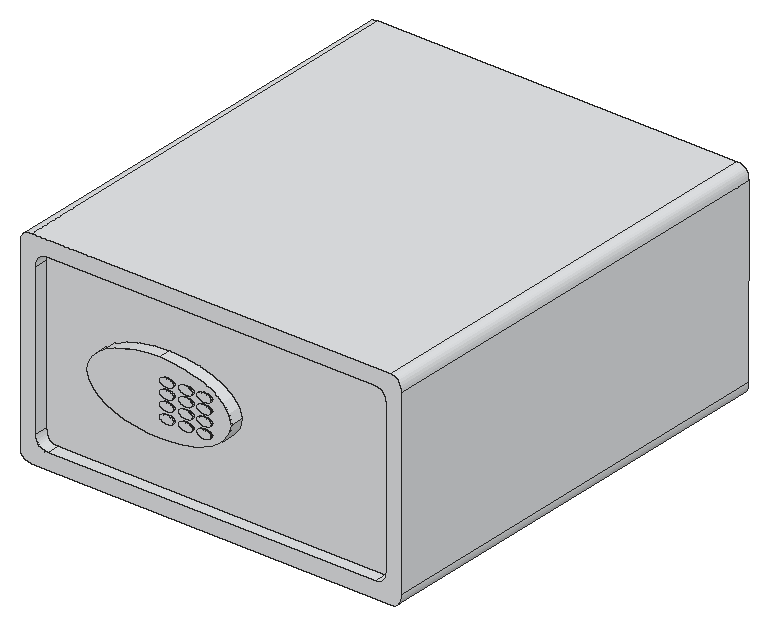
Revit family "DEHS0003_revit", category Generic Models, Revit 2017
Family settings
  Can host rebar = No
  Round Connector Dimension = Use Diameter
  Part Type = Normal
  Work Plane-Based = No
  Always vertical = Yes
  Cut with Voids When Loaded = No
  Shared = No
  Room Calculation Point = No
Parameters
  Website = "https://dolphy.in/"  # constant formula
  Contact number = "+91 9520202035"  # constant formula
  Contact email = "info@dolphy.in"  # constant formula
  Company name = "Dolphy India"  # constant formula
Reference planes
  plane 1 "Center (Front/Back)": y = 0
  plane 2: z = 0
  plane 3 "Center (Left/Right)": x = 0
Forms (mm)
  Extrusion 1, solid, material "Dolphy_WHITE"
    sketch origin (0, 0, 0) x (1, 0, 0) y (0, 0, 1)
      loop
        spline (-185, -87.673) -> (-184.926, -89.642) -> (-184.702, -91.44) -> (-184.33, -93.066) -> (-183.809, -94.521) -> (-183.14, -95.806) -> (-182.321, -96.918) -> (-181.354, -97.86) -> (-180.238, -98.63) -> (-178.973, -99.23) -> (-177.559, -99.658) -> (-175.996, -99.914) -> (-174.285, -100)
        line (-174.285, -100) -> (174.285, -100)
        spline (174.285, -100) -> (175.996, -99.914) -> (177.559, -99.658) -> (178.973, -99.23) -> (180.238, -98.63) -> (181.354, -97.86) -> (182.321, -96.918) -> (183.14, -95.806) -> (183.809, -94.521) -> (184.33, -93.066) -> (184.702, -91.44) -> (184.926, -89.642) -> (185, -87.673)
        line (185, -87.673) -> (185, 87.673)
        spline (185, 87.673) -> (184.926, 89.642) -> (184.702, 91.44) -> (184.33, 93.066) -> (183.809, 94.521) -> (183.14, 95.806) -> (182.321, 96.918) -> (181.354, 97.86) -> (180.238, 98.63) -> (178.973, 99.23) -> (177.559, 99.658) -> (175.996, 99.914) -> (174.285, 100)
        line (174.285, 100) -> (-174.285, 100)
        spline (-174.285, 100) -> (-175.996, 99.914) -> (-177.559, 99.658) -> (-178.973, 99.23) -> (-180.238, 98.63) -> (-181.354, 97.86) -> (-182.321, 96.918) -> (-183.14, 95.806) -> (-183.809, 94.521) -> (-184.33, 93.066) -> (-184.702, 91.44) -> (-184.926, 89.642) -> (-185, 87.673)
        line (-185, 87.673) -> (-185, -87.673)
    from 0 to 420
  Extrusion 2, void
    sketch origin (0, 0, 0) x (1, 0, 0) y (0, 0, 1)
      loop
        spline (-158.505, 85) -> (-160.341, 84.914) -> (-162.017, 84.658) -> (-163.534, 84.23) -> (-164.891, 83.63) -> (-166.089, 82.86) -> (-167.126, 81.918) -> (-168.004, 80.806) -> (-168.723, 79.521) -> (-169.282, 78.066) -> (-169.681, 76.44) -> (-169.92, 74.642) -> (-170, 72.673)
        line (-170, 72.673) -> (-170, -72.673)
        spline (-170, -72.673) -> (-169.92, -74.642) -> (-169.681, -76.44) -> (-169.282, -78.066) -> (-168.723, -79.521) -> (-168.004, -80.806) -> (-167.126, -81.918) -> (-166.089, -82.86) -> (-164.891, -83.63) -> (-163.534, -84.23) -> (-162.017, -84.658) -> (-160.341, -84.914) -> (-158.505, -85)
        line (-158.505, -85) -> (158.505, -85)
        spline (158.505, -85) -> (160.341, -84.914) -> (162.017, -84.658) -> (163.534, -84.23) -> (164.891, -83.63) -> (166.089, -82.86) -> (167.126, -81.918) -> (168.004, -80.806) -> (168.723, -79.521) -> (169.282, -78.066) -> (169.681, -76.44) -> (169.92, -74.642) -> (170, -72.673)
        line (170, -72.673) -> (170, 72.673)
        spline (170, 72.673) -> (169.92, 74.642) -> (169.681, 76.44) -> (169.282, 78.066) -> (168.723, 79.521) -> (168.004, 80.806) -> (167.126, 81.918) -> (166.089, 82.86) -> (164.891, 83.63) -> (163.534, 84.23) -> (162.017, 84.658) -> (160.341, 84.914) -> (158.505, 85)
        line (158.505, 85) -> (-158.505, 85)
    from 407.347 to 491.218
  Extrusion 3, solid, material "Dolphy_WHITE"
    sketch origin (10, 0, -15) x (1, 0, 0) y (0, 0, 1)
      loop
        spline (-130.11, 16.113) -> (-129.081, 10.773) -> (-126.836, 5.832) -> (-123.477, 1.303) -> (-119.108, -2.802) -> (-113.831, -6.471) -> (-107.749, -9.69) -> (-100.965, -12.449) -> (-93.581, -14.733) -> (-85.701, -16.532) -> (-77.428, -17.832) -> (-68.863, -18.621) -> (-60.11, -18.887)
        spline (-60.11, -18.887) -> (-51.358, -18.621) -> (-42.793, -17.832) -> (-34.52, -16.532) -> (-26.64, -14.733) -> (-19.256, -12.449) -> (-12.472, -9.69) -> (-6.39, -6.471) -> (-1.113, -2.802) -> (3.256, 1.303) -> (6.615, 5.832) -> (8.86, 10.773) -> (9.89, 16.113)
        spline (9.89, 16.113) -> (8.86, 21.453) -> (6.615, 26.393) -> (3.256, 30.923) -> (-1.113, 35.028) -> (-6.39, 38.696) -> (-12.472, 41.916) -> (-19.256, 44.674) -> (-26.64, 46.959) -> (-34.52, 48.758) -> (-42.793, 50.058) -> (-51.358, 50.847) -> (-60.11, 51.113)
        spline (-60.11, 51.113) -> (-68.863, 50.847) -> (-77.428, 50.058) -> (-85.701, 48.758) -> (-93.581, 46.959) -> (-100.965, 44.674) -> (-107.749, 41.916) -> (-113.831, 38.696) -> (-119.108, 35.028) -> (-123.477, 30.923) -> (-126.836, 26.393) -> (-129.081, 21.453) -> (-130.11, 16.113)
    from 407.347 to 420
  Extrusion 4, solid, material "Dolphy_WHITE"
    sketch origin (0, 0, 0) x (1, 0, 0) y (0, 0, 1)
      loop
        spline (-48.788, 17.218) -> (-48.68, 16.636) -> (-48.446, 16.098) -> (-48.1, 15.607) -> (-47.652, 15.164) -> (-47.113, 14.768) -> (-46.497, 14.422) -> (-45.814, 14.127) -> (-45.076, 13.883) -> (-44.295, 13.691) -> (-43.481, 13.553) -> (-42.648, 13.469) -> (-41.806, 13.441)
        spline (-41.806, 13.441) -> (-40.965, 13.469) -> (-40.132, 13.553) -> (-39.318, 13.691) -> (-38.537, 13.883) -> (-37.799, 14.127) -> (-37.116, 14.422) -> (-36.5, 14.768) -> (-35.961, 15.164) -> (-35.513, 15.607) -> (-35.167, 16.098) -> (-34.933, 16.636) -> (-34.825, 17.218)
        spline (-34.825, 17.218) -> (-34.933, 17.801) -> (-35.167, 18.338) -> (-35.513, 18.829) -> (-35.961, 19.273) -> (-36.5, 19.668) -> (-37.116, 20.014) -> (-37.799, 20.309) -> (-38.537, 20.554) -> (-39.318, 20.745) -> (-40.132, 20.883) -> (-40.965, 20.967) -> (-41.806, 20.995)
        spline (-41.806, 20.995) -> (-42.648, 20.967) -> (-43.481, 20.883) -> (-44.295, 20.745) -> (-45.076, 20.554) -> (-45.814, 20.309) -> (-46.497, 20.014) -> (-47.113, 19.668) -> (-47.652, 19.273) -> (-48.1, 18.829) -> (-48.446, 18.338) -> (-48.68, 17.801) -> (-48.788, 17.218)
      loop
        spline (-30.434, 17.218) -> (-30.325, 16.636) -> (-30.092, 16.098) -> (-29.745, 15.607) -> (-29.297, 15.164) -> (-28.759, 14.768) -> (-28.142, 14.422) -> (-27.459, 14.127) -> (-26.721, 13.883) -> (-25.94, 13.691) -> (-25.127, 13.553) -> (-24.293, 13.469) -> (-23.452, 13.441)
        spline (-23.452, 13.441) -> (-22.61, 13.469) -> (-21.777, 13.553) -> (-20.964, 13.691) -> (-20.182, 13.883) -> (-19.444, 14.127) -> (-18.761, 14.422) -> (-18.145, 14.768) -> (-17.607, 15.164) -> (-17.159, 15.607) -> (-16.812, 16.098) -> (-16.578, 16.636) -> (-16.47, 17.218)
        spline (-16.47, 17.218) -> (-16.578, 17.801) -> (-16.812, 18.338) -> (-17.159, 18.829) -> (-17.607, 19.273) -> (-18.145, 19.668) -> (-18.761, 20.014) -> (-19.444, 20.309) -> (-20.182, 20.554) -> (-20.964, 20.745) -> (-21.777, 20.883) -> (-22.61, 20.967) -> (-23.452, 20.995)
        spline (-23.452, 20.995) -> (-24.293, 20.967) -> (-25.127, 20.883) -> (-25.94, 20.745) -> (-26.721, 20.554) -> (-27.459, 20.309) -> (-28.142, 20.014) -> (-28.759, 19.668) -> (-29.297, 19.273) -> (-29.745, 18.829) -> (-30.092, 18.338) -> (-30.325, 17.801) -> (-30.434, 17.218)
      loop
        spline (-12.609, 17.218) -> (-12.5, 16.636) -> (-12.267, 16.098) -> (-11.92, 15.607) -> (-11.472, 15.164) -> (-10.934, 14.768) -> (-10.318, 14.422) -> (-9.634, 14.127) -> (-8.896, 13.883) -> (-8.115, 13.691) -> (-7.302, 13.553) -> (-6.469, 13.469) -> (-5.627, 13.441)
        spline (-5.627, 13.441) -> (-4.785, 13.469) -> (-3.952, 13.553) -> (-3.139, 13.691) -> (-2.357, 13.883) -> (-1.619, 14.127) -> (-0.936, 14.422) -> (-0.32, 14.768) -> (0.218, 15.164) -> (0.666, 15.607) -> (1.013, 16.098) -> (1.246, 16.636) -> (1.355, 17.218)
        spline (1.355, 17.218) -> (1.246, 17.801) -> (1.013, 18.338) -> (0.666, 18.829) -> (0.218, 19.273) -> (-0.32, 19.668) -> (-0.936, 20.014) -> (-1.619, 20.309) -> (-2.357, 20.554) -> (-3.139, 20.745) -> (-3.952, 20.883) -> (-4.785, 20.967) -> (-5.627, 20.995)
        spline (-5.627, 20.995) -> (-6.469, 20.967) -> (-7.302, 20.883) -> (-8.115, 20.745) -> (-8.896, 20.554) -> (-9.634, 20.309) -> (-10.318, 20.014) -> (-10.934, 19.668) -> (-11.472, 19.273) -> (-11.92, 18.829) -> (-12.267, 18.338) -> (-12.5, 17.801) -> (-12.609, 17.218)
      loop
        spline (-48.788, 6.872) -> (-48.68, 6.29) -> (-48.446, 5.752) -> (-48.1, 5.262) -> (-47.652, 4.818) -> (-47.113, 4.422) -> (-46.497, 4.077) -> (-45.814, 3.781) -> (-45.076, 3.537) -> (-44.295, 3.345) -> (-43.481, 3.207) -> (-42.648, 3.123) -> (-41.806, 3.095)
        spline (-41.806, 3.095) -> (-40.965, 3.123) -> (-40.132, 3.207) -> (-39.318, 3.345) -> (-38.537, 3.537) -> (-37.799, 3.781) -> (-37.116, 4.077) -> (-36.5, 4.422) -> (-35.961, 4.818) -> (-35.513, 5.262) -> (-35.167, 5.752) -> (-34.933, 6.29) -> (-34.825, 6.872)
        spline (-34.825, 6.872) -> (-34.933, 7.455) -> (-35.167, 7.992) -> (-35.513, 8.483) -> (-35.961, 8.927) -> (-36.5, 9.322) -> (-37.116, 9.668) -> (-37.799, 9.963) -> (-38.537, 10.208) -> (-39.318, 10.399) -> (-40.132, 10.538) -> (-40.965, 10.621) -> (-41.806, 10.649)
        spline (-41.806, 10.649) -> (-42.648, 10.621) -> (-43.481, 10.538) -> (-44.295, 10.399) -> (-45.076, 10.208) -> (-45.814, 9.963) -> (-46.497, 9.668) -> (-47.113, 9.322) -> (-47.652, 8.927) -> (-48.1, 8.483) -> (-48.446, 7.992) -> (-48.68, 7.455) -> (-48.788, 6.872)
      loop
        spline (-30.434, 6.872) -> (-30.325, 6.29) -> (-30.092, 5.752) -> (-29.745, 5.262) -> (-29.297, 4.818) -> (-28.759, 4.422) -> (-28.142, 4.077) -> (-27.459, 3.781) -> (-26.721, 3.537) -> (-25.94, 3.345) -> (-25.127, 3.207) -> (-24.293, 3.123) -> (-23.452, 3.095)
        spline (-23.452, 3.095) -> (-22.61, 3.123) -> (-21.777, 3.207) -> (-20.964, 3.345) -> (-20.182, 3.537) -> (-19.444, 3.781) -> (-18.761, 4.077) -> (-18.145, 4.422) -> (-17.607, 4.818) -> (-17.159, 5.262) -> (-16.812, 5.752) -> (-16.578, 6.29) -> (-16.47, 6.872)
        spline (-16.47, 6.872) -> (-16.578, 7.455) -> (-16.812, 7.992) -> (-17.159, 8.483) -> (-17.607, 8.927) -> (-18.145, 9.322) -> (-18.761, 9.668) -> (-19.444, 9.963) -> (-20.182, 10.208) -> (-20.964, 10.399) -> (-21.777, 10.538) -> (-22.61, 10.621) -> (-23.452, 10.649)
        spline (-23.452, 10.649) -> (-24.293, 10.621) -> (-25.127, 10.538) -> (-25.94, 10.399) -> (-26.721, 10.208) -> (-27.459, 9.963) -> (-28.142, 9.668) -> (-28.759, 9.322) -> (-29.297, 8.927) -> (-29.745, 8.483) -> (-30.092, 7.992) -> (-30.325, 7.455) -> (-30.434, 6.872)
      loop
        spline (-12.609, 6.872) -> (-12.5, 6.29) -> (-12.267, 5.752) -> (-11.92, 5.262) -> (-11.472, 4.818) -> (-10.934, 4.422) -> (-10.318, 4.077) -> (-9.634, 3.781) -> (-8.896, 3.537) -> (-8.115, 3.345) -> (-7.302, 3.207) -> (-6.469, 3.123) -> (-5.627, 3.095)
        spline (-5.627, 3.095) -> (-4.785, 3.123) -> (-3.952, 3.207) -> (-3.139, 3.345) -> (-2.357, 3.537) -> (-1.619, 3.781) -> (-0.936, 4.077) -> (-0.32, 4.422) -> (0.218, 4.818) -> (0.666, 5.262) -> (1.013, 5.752) -> (1.246, 6.29) -> (1.355, 6.872)
        spline (1.355, 6.872) -> (1.246, 7.455) -> (1.013, 7.992) -> (0.666, 8.483) -> (0.218, 8.927) -> (-0.32, 9.322) -> (-0.936, 9.668) -> (-1.619, 9.963) -> (-2.357, 10.208) -> (-3.139, 10.399) -> (-3.952, 10.538) -> (-4.785, 10.621) -> (-5.627, 10.649)
        spline (-5.627, 10.649) -> (-6.469, 10.621) -> (-7.302, 10.538) -> (-8.115, 10.399) -> (-8.896, 10.208) -> (-9.634, 9.963) -> (-10.318, 9.668) -> (-10.934, 9.322) -> (-11.472, 8.927) -> (-11.92, 8.483) -> (-12.267, 7.992) -> (-12.5, 7.455) -> (-12.609, 6.872)
      loop
        spline (-48.788, -3.696) -> (-48.68, -4.279) -> (-48.446, -4.816) -> (-48.1, -5.307) -> (-47.652, -5.751) -> (-47.113, -6.146) -> (-46.497, -6.492) -> (-45.814, -6.788) -> (-45.076, -7.032) -> (-44.295, -7.223) -> (-43.481, -7.362) -> (-42.648, -7.445) -> (-41.806, -7.473)
        spline (-41.806, -7.473) -> (-40.965, -7.445) -> (-40.132, -7.362) -> (-39.318, -7.223) -> (-38.537, -7.032) -> (-37.799, -6.788) -> (-37.116, -6.492) -> (-36.5, -6.146) -> (-35.961, -5.751) -> (-35.513, -5.307) -> (-35.167, -4.816) -> (-34.933, -4.279) -> (-34.825, -3.696)
        spline (-34.825, -3.696) -> (-34.933, -3.114) -> (-35.167, -2.577) -> (-35.513, -2.086) -> (-35.961, -1.642) -> (-36.5, -1.247) -> (-37.116, -0.901) -> (-37.799, -0.605) -> (-38.537, -0.361) -> (-39.318, -0.169) -> (-40.132, -0.031) -> (-40.965, 0.053) -> (-41.806, 0.081)
        spline (-41.806, 0.081) -> (-42.648, 0.053) -> (-43.481, -0.031) -> (-44.295, -0.169) -> (-45.076, -0.361) -> (-45.814, -0.605) -> (-46.497, -0.901) -> (-47.113, -1.247) -> (-47.652, -1.642) -> (-48.1, -2.086) -> (-48.446, -2.577) -> (-48.68, -3.114) -> (-48.788, -3.696)
      loop
        spline (-30.434, -3.696) -> (-30.325, -4.279) -> (-30.092, -4.816) -> (-29.745, -5.307) -> (-29.297, -5.751) -> (-28.759, -6.146) -> (-28.142, -6.492) -> (-27.459, -6.788) -> (-26.721, -7.032) -> (-25.94, -7.223) -> (-25.127, -7.362) -> (-24.293, -7.445) -> (-23.452, -7.473)
        spline (-23.452, -7.473) -> (-22.61, -7.445) -> (-21.777, -7.362) -> (-20.964, -7.223) -> (-20.182, -7.032) -> (-19.444, -6.788) -> (-18.761, -6.492) -> (-18.145, -6.146) -> (-17.607, -5.751) -> (-17.159, -5.307) -> (-16.812, -4.816) -> (-16.578, -4.279) -> (-16.47, -3.696)
        spline (-16.47, -3.696) -> (-16.578, -3.114) -> (-16.812, -2.577) -> (-17.159, -2.086) -> (-17.607, -1.642) -> (-18.145, -1.247) -> (-18.761, -0.901) -> (-19.444, -0.605) -> (-20.182, -0.361) -> (-20.964, -0.169) -> (-21.777, -0.031) -> (-22.61, 0.053) -> (-23.452, 0.081)
        spline (-23.452, 0.081) -> (-24.293, 0.053) -> (-25.127, -0.031) -> (-25.94, -0.169) -> (-26.721, -0.361) -> (-27.459, -0.605) -> (-28.142, -0.901) -> (-28.759, -1.247) -> (-29.297, -1.642) -> (-29.745, -2.086) -> (-30.092, -2.577) -> (-30.325, -3.114) -> (-30.434, -3.696)
      loop
        spline (-12.609, -3.696) -> (-12.5, -4.279) -> (-12.267, -4.816) -> (-11.92, -5.307) -> (-11.472, -5.751) -> (-10.934, -6.146) -> (-10.318, -6.492) -> (-9.634, -6.788) -> (-8.896, -7.032) -> (-8.115, -7.223) -> (-7.302, -7.362) -> (-6.469, -7.445) -> (-5.627, -7.473)
        spline (-5.627, -7.473) -> (-4.785, -7.445) -> (-3.952, -7.362) -> (-3.139, -7.223) -> (-2.357, -7.032) -> (-1.619, -6.788) -> (-0.936, -6.492) -> (-0.32, -6.146) -> (0.218, -5.751) -> (0.666, -5.307) -> (1.013, -4.816) -> (1.246, -4.279) -> (1.355, -3.696)
        spline (1.355, -3.696) -> (1.246, -3.114) -> (1.013, -2.577) -> (0.666, -2.086) -> (0.218, -1.642) -> (-0.32, -1.247) -> (-0.936, -0.901) -> (-1.619, -0.605) -> (-2.357, -0.361) -> (-3.139, -0.169) -> (-3.952, -0.031) -> (-4.785, 0.053) -> (-5.627, 0.081)
        spline (-5.627, 0.081) -> (-6.469, 0.053) -> (-7.302, -0.031) -> (-8.115, -0.169) -> (-8.896, -0.361) -> (-9.634, -0.605) -> (-10.318, -0.901) -> (-10.934, -1.247) -> (-11.472, -1.642) -> (-11.92, -2.086) -> (-12.267, -2.577) -> (-12.5, -3.114) -> (-12.609, -3.696)
      loop
        spline (-48.788, -14.598) -> (-48.68, -15.181) -> (-48.446, -15.718) -> (-48.1, -16.209) -> (-47.652, -16.653) -> (-47.113, -17.048) -> (-46.497, -17.394) -> (-45.814, -17.69) -> (-45.076, -17.934) -> (-44.295, -18.126) -> (-43.481, -18.264) -> (-42.648, -18.347) -> (-41.806, -18.376)
        spline (-41.806, -18.376) -> (-40.965, -18.347) -> (-40.132, -18.264) -> (-39.318, -18.126) -> (-38.537, -17.934) -> (-37.799, -17.69) -> (-37.116, -17.394) -> (-36.5, -17.048) -> (-35.961, -16.653) -> (-35.513, -16.209) -> (-35.167, -15.718) -> (-34.933, -15.181) -> (-34.825, -14.598)
        spline (-34.825, -14.598) -> (-34.933, -14.016) -> (-35.167, -13.479) -> (-35.513, -12.988) -> (-35.961, -12.544) -> (-36.5, -12.149) -> (-37.116, -11.803) -> (-37.799, -11.507) -> (-38.537, -11.263) -> (-39.318, -11.071) -> (-40.132, -10.933) -> (-40.965, -10.849) -> (-41.806, -10.821)
        spline (-41.806, -10.821) -> (-42.648, -10.849) -> (-43.481, -10.933) -> (-44.295, -11.071) -> (-45.076, -11.263) -> (-45.814, -11.507) -> (-46.497, -11.803) -> (-47.113, -12.149) -> (-47.652, -12.544) -> (-48.1, -12.988) -> (-48.446, -13.479) -> (-48.68, -14.016) -> (-48.788, -14.598)
      loop
        spline (-30.434, -14.598) -> (-30.325, -15.181) -> (-30.092, -15.718) -> (-29.745, -16.209) -> (-29.297, -16.653) -> (-28.759, -17.048) -> (-28.142, -17.394) -> (-27.459, -17.69) -> (-26.721, -17.934) -> (-25.94, -18.126) -> (-25.127, -18.264) -> (-24.293, -18.347) -> (-23.452, -18.376)
        spline (-23.452, -18.376) -> (-22.61, -18.347) -> (-21.777, -18.264) -> (-20.964, -18.126) -> (-20.182, -17.934) -> (-19.444, -17.69) -> (-18.761, -17.394) -> (-18.145, -17.048) -> (-17.607, -16.653) -> (-17.159, -16.209) -> (-16.812, -15.718) -> (-16.578, -15.181) -> (-16.47, -14.598)
        spline (-16.47, -14.598) -> (-16.578, -14.016) -> (-16.812, -13.479) -> (-17.159, -12.988) -> (-17.607, -12.544) -> (-18.145, -12.149) -> (-18.761, -11.803) -> (-19.444, -11.507) -> (-20.182, -11.263) -> (-20.964, -11.071) -> (-21.777, -10.933) -> (-22.61, -10.849) -> (-23.452, -10.821)
        spline (-23.452, -10.821) -> (-24.293, -10.849) -> (-25.127, -10.933) -> (-25.94, -11.071) -> (-26.721, -11.263) -> (-27.459, -11.507) -> (-28.142, -11.803) -> (-28.759, -12.149) -> (-29.297, -12.544) -> (-29.745, -12.988) -> (-30.092, -13.479) -> (-30.325, -14.016) -> (-30.434, -14.598)
      loop
        spline (-12.609, -14.598) -> (-12.5, -15.181) -> (-12.267, -15.718) -> (-11.92, -16.209) -> (-11.472, -16.653) -> (-10.934, -17.048) -> (-10.318, -17.394) -> (-9.634, -17.69) -> (-8.896, -17.934) -> (-8.115, -18.126) -> (-7.302, -18.264) -> (-6.469, -18.347) -> (-5.627, -18.376)
        spline (-5.627, -18.376) -> (-4.785, -18.347) -> (-3.952, -18.264) -> (-3.139, -18.126) -> (-2.357, -17.934) -> (-1.619, -17.69) -> (-0.936, -17.394) -> (-0.32, -17.048) -> (0.218, -16.653) -> (0.666, -16.209) -> (1.013, -15.718) -> (1.246, -15.181) -> (1.355, -14.598)
        spline (1.355, -14.598) -> (1.246, -14.016) -> (1.013, -13.479) -> (0.666, -12.988) -> (0.218, -12.544) -> (-0.32, -12.149) -> (-0.936, -11.803) -> (-1.619, -11.507) -> (-2.357, -11.263) -> (-3.139, -11.071) -> (-3.952, -10.933) -> (-4.785, -10.849) -> (-5.627, -10.821)
        spline (-5.627, -10.821) -> (-6.469, -10.849) -> (-7.302, -10.933) -> (-8.115, -11.071) -> (-8.896, -11.263) -> (-9.634, -11.507) -> (-10.318, -11.803) -> (-10.934, -12.149) -> (-11.472, -12.544) -> (-11.92, -12.988) -> (-12.267, -13.479) -> (-12.5, -14.016) -> (-12.609, -14.598)
    from 420 to 421.178
Cuts and joins
  Extrusion 2 cuts Extrusion 1
Dimensions and locks
  aligned and locked: level to plane 2
Automatic sketch dimensions
  Extrusion 1 sketch curve to level = 87.673 mm  (x2)
  Extrusion 1 sketch curve to plane 3 "Center (Left/Right)" = 185 mm
  Extrusion 1 sketch curve to Extrusion 1 sketch curve = 10.715 mm  (x3)
  plane 3 "Center (Left/Right)" to Extrusion 1 sketch curve = 174.285 mm  (x2)
  Extrusion 1 sketch curve to Extrusion 1 sketch curve = 12.327 mm  (x2)
  level to Extrusion 1 sketch curve = 87.673 mm  (x2)
  level to Extrusion 2 sketch curve = 72.673 mm  (x2)
  Extrusion 2 sketch curve to Extrusion 2 sketch curve = 11.495 mm  (x3)
  plane 3 "Center (Left/Right)" to Extrusion 2 sketch curve = 158.505 mm  (x2)
  Extrusion 2 sketch curve to level = 72.673 mm  (x2)
  Extrusion 2 sketch curve to Extrusion 2 sketch curve = 12.327 mm  (x2)
  Extrusion 2 sketch curve to plane 3 "Center (Left/Right)" = 158.505 mm
  level to Extrusion 3 sketch curve = 1.113 mm  (x2)
  Extrusion 3 sketch curve to plane 3 "Center (Left/Right)" = 120.11 mm
  Extrusion 3 sketch curve to plane 3 "Center (Left/Right)" = 50.11 mm  (x2)
  Extrusion 3 sketch curve to level = 33.887 mm
  plane 3 "Center (Left/Right)" to Extrusion 3 sketch curve = 19.89 mm
  level to Extrusion 3 sketch curve = 36.113 mm
  Extrusion 4 sketch curve to plane 3 "Center (Left/Right)" = 48.788 mm
  Extrusion 4 sketch curve to level = 14.598 mm  (x3)
  Extrusion 4 sketch curve to Extrusion 4 sketch curve = 0 mm  (x17)
  Extrusion 4 sketch curve to level = 3.696 mm  (x6)
  level to Extrusion 4 sketch curve = 6.872 mm  (x3)
  Extrusion 4 sketch curve to Extrusion 4 sketch curve = 6.982 mm  (x14)
  level to Extrusion 4 sketch curve = 0.081 mm  (x3)
  Extrusion 4 sketch curve to level = 18.376 mm  (x2)
  Extrusion 4 sketch curve to level = 7.473 mm  (x3)
  level to Extrusion 4 sketch curve = 3.095 mm  (x2)
  Extrusion 4 sketch curve to level = 10.821 mm  (x3)
  level to Extrusion 4 sketch curve = 10.649 mm
  Extrusion 4 sketch curve to Extrusion 4 sketch curve = 4.391 mm  (x4)
  Extrusion 4 sketch curve to Extrusion 4 sketch curve = 3.861 mm  (x4)
  Extrusion 4 sketch curve to plane 3 "Center (Left/Right)" = 5.627 mm  (x8)
  plane 3 "Center (Left/Right)" to Extrusion 4 sketch curve = 1.355 mm  (x4)
  Extrusion 4 sketch curve to Extrusion 4 sketch curve = 7.554 mm  (x6)
  Extrusion 4 sketch curve to Extrusion 4 sketch curve = 3.777 mm  (x8)
  Extrusion 4 sketch curve to Extrusion 4 sketch curve = 3.014 mm
  Extrusion 4 sketch curve to Extrusion 4 sketch curve = 2.792 mm  (x3)
